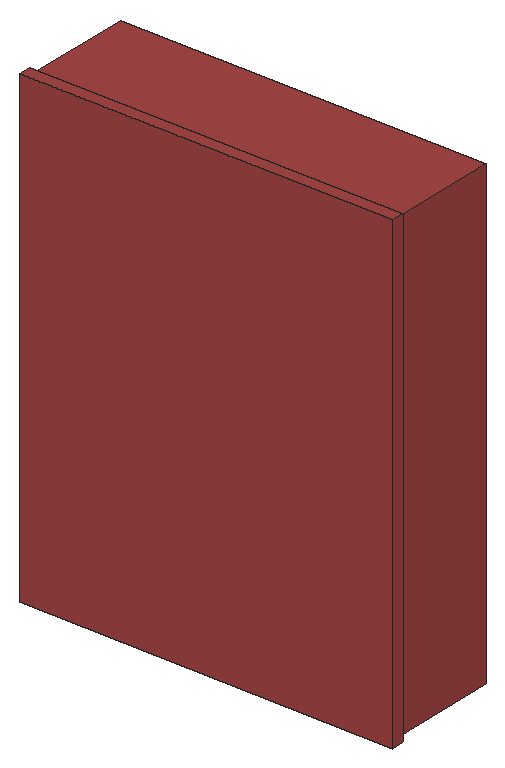
Revit family
Parameters
  cover width = 14.680"
  box width = 14.380"
  Voltage = 120 V
  Viking Part Number = "14152"
  URL = "http://www.vikinggroupinc.com/databook/deluge/devices/041307.pdf"
  Rev. Date = "05-10-10"
  Model = "VFR-400"
  Manufacturer = "The Viking Corporation"
  Description = "Release Control Panel"
Reference planes (in)
  plane 1 "Center (Front/Back)": y = 0
  plane 2: z = 0
  plane 3 "Center (Left/Right)": x = 0
  plane 4 "box top": z = 18.65
  plane 5 "box right": x = 7.19
  plane 6 "box left": x = -7.19
  plane 7: z = 18.5
  plane 8 "box bottom": z = 0.15
  plane 9: x = 7.34
  plane 10: x = -7.34
  plane 11 "cover back": y = 0.5
  plane 12 "box back": y = 4.75
Forms (in)
  Extrusion 1, solid, material "Default"
    sketch origin (0, 0, 0) x (1, 0, 0) y (0, 0, 1)
      loop
        line (-7.34, 18.65) -> (-7.34, 0) -> (7.34, 0) -> (7.34, 18.65) -> (-7.34, 18.65)
    from -0.5 to 0
  Extrusion 2, solid, material "Default"
    sketch origin (0, 0, 0) x (1, 0, 0) y (0, 0, 1)
      loop
        line (-7.19, 18.5) -> (-7.19, 0.15) -> (7.19, 0.15) -> (7.19, 18.5) -> (-7.19, 18.5)
    from -4.75 to -0.5
Cuts and joins
  joined: Extrusion 1, Extrusion 2
Lines and regions (in)
  model lines
    curve 1: line (-7.34, 0, 18.65) -> (7.34, 0, 18.65)
    curve 2: line (-7.34, 0, 0) -> (-7.34, 0, 18.65)
    curve 3: line (7.34, 0, 0) -> (-7.34, 0, 0)
    curve 4: line (7.34, 0, 18.65) -> (7.34, 0, 0)
Dimensions and locks (in)
  equal spacing: plane 6 "box left", plane 3 "Center (Left/Right)", plane 5 "box right"
  "box width": plane 6 "box left" to plane 5 "box right"
  equal spacing: plane 10, plane 3 "Center (Left/Right)", plane 9
  "cover width": plane 10 to plane 9
  plane 7 to plane 2 = 18.500"
  plane 4 "box top" to plane 7 = 0.150"
  plane 8 "box bottom" to plane 2 = 0.150"
  plane 1 "Center (Front/Back)" to plane 12 "box back" = 4.750"
  plane 1 "Center (Front/Back)" to plane 11 "cover back" = 0.500"
  aligned and locked: curve 1 to plane 4 "box top"
  aligned and locked: curve 2 to plane 10
  aligned and locked: curve 4 to plane 9
  aligned and locked: plane 2 to curve 3
  aligned and locked: plane 11 "cover back" to Extrusion 1
  aligned and locked: plane 1 "Center (Front/Back)" to Extrusion 1
  aligned and locked: Extrusion 2 sketch curve to plane 7
  aligned and locked: Extrusion 2 sketch curve to plane 6 "box left"
  aligned and locked: Extrusion 2 sketch curve to plane 8 "box bottom"
  aligned and locked: Extrusion 2 sketch curve to plane 5 "box right"
  aligned and locked: Extrusion 2 to plane 12 "box back"
  aligned and locked: Extrusion 2 to plane 11 "cover back"
Automatic sketch dimensions
  Extrusion 1 sketch curve to plane 4 "box top" = 0.000"
  Extrusion 1 sketch curve to level = 0.000"
  Extrusion 1 sketch curve to plane 10 = 0.000"
  Extrusion 1 sketch curve to plane 9 = 0.000"
Connectors (in)
  electrical at (0, 2.625, 0.15)
    settings: on cut or joined group of Extrusion 1, Extrusion 2, index 1
